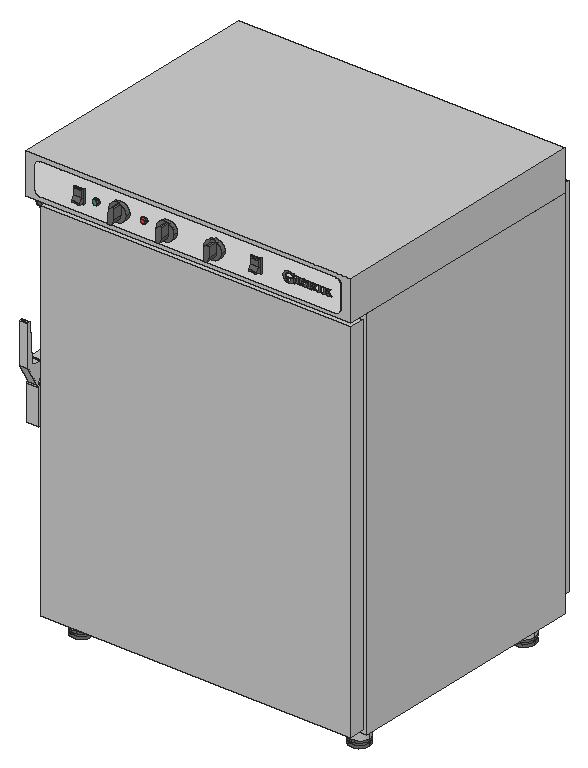
Revit family "QF_GIORIK_GR1011M_GR1011E_GR1011P", category Specialty Equipment, Revit 2014
Parameters (values of type "GR1011M")
  Weight in Pounds = 282.192
  Watts = 12600 W
  Waste Water Discharge Temperature = 0 °C
  Volts = 400 V
  URL Cutsheet = ""
  URL = "www.giorik.com"
  Programmable electronic control = no
  Plumbing Remarks [instance] = ""
  Plumbing Connection Type [instance] = ""
  Legs height [instance] = 60 mm
  Indirect Waste Size = 3/4"
  Indirect Waste Flow = 0.0 L/s
  Indirect Waste Connection Type [instance] = ""
  Indirect Waste Connection Height = 46 mm
  Mechanical control = yes
  Status [instance] = ""
  Specification by User [instance] = ""
  Specification by Manufacturer = ""
  Serial Number = ""
  Seismic Rating = ""
  SMACNA No = ""
  Revision Code [instance] = ""
  Phase = 3
  Number of Poles [instance] = 3
  NAFEM Spec ID Number = ""
  Model = "GR1011M"
  Min Ckt Ampacity = 0 A
  Max Overcurrent Protection = 20 A
  Masterspec = ""
  Manufacturer = "GIORIK"
  Show Logo [instance] = yes
  Show Clearance [instance] = yes
  Item Number [instance] = ""
  Installed By [instance] = ""
  Identify Quantity as Lot [instance] = no
  HP = "0"
  Furnished By [instance] = ""
  Foodservice Equipment Identifier [instance] = yes
  FL Amps = 0 A
  Electronic control = no
  Electrical Remarks [instance] = ""
  Electric Connection Type [instance] = ""
  Elec Conn RI Height [instance] = 0 mm
  Elec Conn Connection Height [instance] = 284 mm
  Description = "REGENERATING OVEN 10 GN 1/1 - MECHANICAL VERSION"
  Cycle = 50 Hz
  Conn Plug = ""
  Conn Conduit [instance] = no
  Cold Water Temperature Recommended = 0 °C
  Cold Water Size = 3/4"
  Cold Water RI Height [instance] = 0 mm
  Cold Water Minimum Pressure [instance] = 150.0 kPa
  Cold Water Maximum Pressure [instance] = 600.0 kPa
  Cold Water Flow [instance] = 0.0 L/s
  Cold Water Consumption [instance] = ""
  Cold Water Connection Height = 199 mm
  CSI MasterFormat = ""
  Assembly Code = "E1090320"
  Apparent Power = 12600 VA
Reference planes
  plane 1 "Back": y = 0
  plane 2: z = 0
  plane 3 "Left": x = 0
  plane 4 "Right": x = 820
  plane 5 "Front": y = -746
  plane 6 "Top": z = 1110
  plane 7 "Legs height": z = 60
  plane 8 "Front oven": y = -696
Forms (mm)
  Extrusion 1, solid
    sketch origin (0, 0, 0) x (1, 0, 0) y (0, 0, 1)
      loop
        line (0, 60) -> (820, 60) -> (820, 1010) -> (0, 1010) -> (0, 60)
    from 75 to 696
  Extrusion 2, solid
    sketch origin (0, -746, 0) x (-1, 0, 0) y (0, 0, 1)
      loop
        line (-818, 1000) -> (-818, 75) -> (-38, 75) -> (-38, 1000) -> (-818, 1000)
    from 0 to 40
  Extrusion 3, solid, visible <- "Show Clearance", detail levels coarse
    sketch origin (430, -505, 0) x (1, 0, 0) y (0, 1, 0)
      loop
        line (-430, -241) -> (-430, 505) -> (390, 505) -> (390, -241) -> (490, -241) -> (490, 605) -> (-530, 605) -> (-530, -241) -> (-430, -241)
    from 0 to 1110
  Extrusion 4, solid, visible <- "Show Clearance", detail levels coarse
    sketch origin (0, -21, 60) x (0, 1, 0) y (-1, 0, 0)
      loop
        line (-725, -820) -> (-725, -38)
        arc (-725, -38) -> (-1269.196, -248.189) -> (-1509, -780) r 768.537
        line (-1509, -780) -> (-1509, -820) -> (-725, -820)
    from 15 to 840
  Extrusion 5, solid
    sketch origin (0, -746, 0) x (-1, 0, 0) y (0, 0, 1)
      loop
        arc (-25, 1085) -> (-29.393, 1095.607) -> (-40, 1100) r 15
        line (-40, 1100) -> (-780, 1100)
        arc (-780, 1100) -> (-790.607, 1095.607) -> (-795, 1085) r 15
        line (-795, 1085) -> (-795, 1035)
        arc (-795, 1035) -> (-790.607, 1024.393) -> (-780, 1020) r 15
        line (-780, 1020) -> (-40, 1020)
        arc (-40, 1020) -> (-29.393, 1024.393) -> (-25, 1035) r 15
        line (-25, 1035) -> (-25, 1085)
    from -0.5 to 2
  Extrusion 6, solid
    sketch origin (820, 165, 0) x (0, -1, 0) y (0, 0, 1)
      loop
        circle (220, 199) r 11
    from 50 to 30
  Extrusion 7, solid, visible <- "Mechanical control"
    sketch origin (0, -746, 0) x (-1, 0, 0) y (0, 0, 1)
      loop
        circle (-180, 1060) r 7.5
    from 0 to -3
  Extrusion 8, solid, visible <- "Show Logo", detail levels medium+fine
    sketch origin (576.604, -746, 203.695) x (-1, 0, 0) y (0, 0, 1)
      loop
        line (-104.547, 863.962) -> (-115.547, 863.962) -> (-112.754, 861.618) -> (-112.754, 851.306) -> (-115.547, 848.962) -> (-104.547, 848.962) -> (-107.34, 851.306) -> (-107.34, 861.618) -> (-104.547, 863.962)
      loop
        line (-159.547, 863.962) -> (-170.547, 863.962) -> (-167.754, 861.618) -> (-167.754, 851.306) -> (-170.547, 848.962) -> (-159.547, 848.962) -> (-162.34, 851.306) -> (-162.34, 861.618) -> (-159.547, 863.962)
      loop
        line (-172.547, 863.962) -> (-183.547, 863.962) -> (-180.754, 861.618) -> (-180.754, 856.706) -> (-187.354, 862.244) -> (-184.9, 863.962) -> (-193.294, 863.962) -> (-189.303, 862.101) -> (-186.172, 858.97) -> (-192.777, 851.098) -> (-195.9, 849.962) -> (-195.9, 848.962) -> (-184.9, 848.962) -> (-186.151, 850.747) -> (-182.483, 855.625) -> (-180.754, 854.818) -> (-180.754, 851.306) -> (-183.547, 848.962) -> (-172.547, 848.962) -> (-175.34, 851.306) -> (-175.34, 861.618) -> (-172.547, 863.962)
      loop
        line (-100.387, 868.5) -> (-100.387, 858.865)
        arc (-100.387, 858.865) -> (-95.719, 863.282) -> (-89.875, 865.956) r 19.648
        arc (-89.875, 865.956) -> (-85.547, 865.774) -> (-82.114, 863.131) r 7.168
        arc (-82.114, 863.131) -> (-80.034, 856.5) -> (-82.114, 849.868) r 11.613
        arc (-82.114, 849.868) -> (-84.434, 847.581) -> (-87.423, 846.287) r 8.864
        arc (-87.423, 846.287) -> (-90.954, 846.508) -> (-93.801, 848.608) r 6.26
        line (-93.801, 848.608) -> (-93.801, 856.174) -> (-101.26, 856.174) -> (-101.26, 848.213) -> (-103.406, 846.068) -> (-98.753, 847.314)
        arc (-98.753, 847.314) -> (-96.873, 847.533) -> (-95.12, 846.821) r 3.816
        arc (-95.12, 846.821) -> (-86.651, 844.034) -> (-78.183, 846.821) r 14.26
        arc (-78.183, 846.821) -> (-73.396, 856.305) -> (-78.183, 865.788) r 11.787
        arc (-78.183, 865.788) -> (-86.838, 868.637) -> (-95.494, 865.788) r 14.575
        line (-95.494, 865.788) -> (-100.387, 868.5)
      loop
        arc (-117.299, 861.157) -> (-125.457, 864.293) -> (-133.615, 861.157) r 12.178
        arc (-133.615, 861.157) -> (-135.675, 856.524) -> (-133.615, 851.891) r 6.24
        arc (-133.615, 851.891) -> (-125.457, 848.755) -> (-117.299, 851.891) r 12.178
        arc (-117.299, 851.891) -> (-115.239, 856.524) -> (-117.299, 861.157) r 6.24
      loop
        arc (-121.457, 859.117) -> (-125.457, 863.117) -> (-129.457, 859.117) r 4
        line (-129.457, 859.117) -> (-129.457, 853.931)
        arc (-129.457, 853.931) -> (-125.457, 849.931) -> (-121.457, 853.931) r 4
        line (-121.457, 853.931) -> (-121.457, 859.117)
      loop
        arc (-150.534, 863.971) -> (-154.557, 859.947) -> (-150.534, 855.923) r 4.024
        line (-150.534, 855.923) -> (-154.412, 850.423) -> (-157.545, 848.962) -> (-149.901, 848.962) -> (-147.062, 855.05) -> (-143.519, 855.05) -> (-143.519, 851.008) -> (-146.441, 848.962) -> (-135.402, 848.962) -> (-137.953, 850.881) -> (-137.953, 861.677) -> (-135.669, 863.971) -> (-150.534, 863.971)
      loop
        line (-143.519, 862.926) -> (-147.194, 862.926)
        arc (-147.194, 862.926) -> (-150.379, 859.741) -> (-147.194, 856.556) r 3.185
        line (-147.194, 856.556) -> (-143.519, 856.556) -> (-143.519, 862.926)
    from 0.5 to -1.5
  Extrusion 9, solid, visible <- "Show Logo", detail levels medium+fine
    sketch origin (574.604, -746, 203.695) x (-1, 0, 0) y (0, 0, 1)
      loop
        line (-83.301, 856.174) -> (-95.301, 856.174) -> (-89.301, 851.174) -> (-83.301, 856.174)
    from 0.5 to -1.5
  Extrusion 10, solid
    sketch origin (0, -53, 0) x (1, 0, 0) y (0, 1, 0)
      loop
        circle (60, -72) r 25
    from 0 to 6
  Extrusion 11, solid
    sketch origin (0, -53, 0) x (1, 0, 0) y (0, 1, 0)
      loop
        circle (60, -72) r 25
    from 17 to 60
  Extrusion 12, solid
    sketch origin (0, -53, 0) x (1, 0, 0) y (0, 1, 0)
      loop
        circle (60, -72) r 23
    from 6 to 12
  Extrusion 13, solid
    sketch origin (0, -53, 0) x (1, 0, 0) y (0, 1, 0)
      loop
        circle (60, -72) r 25
    from 12 to 17
  Extrusion 14, solid
    sketch origin (0, -573, 0) x (1, 0, 0) y (0, 1, 0)
      loop
        circle (60, -72) r 25
    from 0 to 6
  Extrusion 15, solid
    sketch origin (0, -573, 0) x (1, 0, 0) y (0, 1, 0)
      loop
        circle (60, -72) r 25
    from 17 to 60
  Extrusion 16, solid
    sketch origin (0, -573, 0) x (1, 0, 0) y (0, 1, 0)
      loop
        circle (60, -72) r 23
    from 6 to 12
  Extrusion 17, solid
    sketch origin (0, -573, 0) x (1, 0, 0) y (0, 1, 0)
      loop
        circle (60, -72) r 25
    from 12 to 17
  Extrusion 18, solid
    sketch origin (700, -53, 0) x (1, 0, 0) y (0, 1, 0)
      loop
        circle (60, -72) r 25
    from 0 to 6
  Extrusion 19, solid
    sketch origin (700, -53, 0) x (1, 0, 0) y (0, 1, 0)
      loop
        circle (60, -72) r 25
    from 17 to 60
  Extrusion 20, solid
    sketch origin (700, -53, 0) x (1, 0, 0) y (0, 1, 0)
      loop
        circle (60, -72) r 23
    from 6 to 12
  Extrusion 21, solid
    sketch origin (700, -53, 0) x (1, 0, 0) y (0, 1, 0)
      loop
        circle (60, -72) r 25
    from 12 to 17
  Extrusion 22, solid
    sketch origin (700, -573, 0) x (1, 0, 0) y (0, 1, 0)
      loop
        circle (60, -72) r 25
    from 0 to 6
  Extrusion 23, solid
    sketch origin (700, -573, 0) x (1, 0, 0) y (0, 1, 0)
      loop
        circle (60, -72) r 25
    from 17 to 60
  Extrusion 24, solid
    sketch origin (700, -573, 0) x (1, 0, 0) y (0, 1, 0)
      loop
        circle (60, -72) r 23
    from 6 to 12
  Extrusion 25, solid
    sketch origin (700, -573, 0) x (1, 0, 0) y (0, 1, 0)
      loop
        circle (60, -72) r 25
    from 12 to 17
  Extrusion 26, solid
    sketch origin (0, 0, 0) x (1, 0, 0) y (0, 0, 1)
      loop
        line (50, 60) -> (770, 60) -> (770, 985) -> (50, 985) -> (50, 60)
    from 0 to 75
  Extrusion 27, solid
    sketch origin (0, 0, 0) x (1, 0, 0) y (0, 0, 1)
      loop
        line (0, 1110) -> (0, 1010) -> (820, 1010) -> (820, 1110) -> (0, 1110)
    from 75 to 746
  Extrusion 28, solid
    sketch origin (0, 0, 190) x (0, 1, 0) y (0, 0, 1)
      loop
        line (-708.5, 307) -> (-708.5, 457) -> (-735.5, 455.5) -> (-735.5, 426.5) -> (-748.5, 400) -> (-748.5, 312) -> (-708.5, 307)
    from 6 to 36
  Extrusion 29, solid
    sketch origin (0, 0, -190) x (0, 1, 0) y (0, 0, 1)
      loop
        line (-748.5, 780) -> (-735.5, 806.5) -> (-735.5, 833.216) -> (-755.655, 835.333)
        arc (-755.655, 835.333) -> (-761.803, 838.331) -> (-764.586, 844.58) r 10
        line (-764.586, 844.58) -> (-771, 936.21) -> (-773.5, 936.21) -> (-776, 933.71) -> (-776, 832.08) -> (-748.5, 784.31) -> (-748.5, 780)
    from 11 to 31
  Extrusion 30, solid
    sketch origin (0, 0, 190) x (0, 1, 0) y (0, 0, 1)
      loop
        line (-696, 306.3) -> (-696, 364.3) -> (-698.8, 364.3)
        arc (-698.8, 364.3) -> (-700.568, 363.568) -> (-701.3, 361.8) r 2.5
        line (-701.3, 361.8) -> (-701.3, 339.484)
        arc (-701.3, 339.484) -> (-701.917, 337.839) -> (-703.464, 337.006) r 2.5
        line (-703.464, 337.006) -> (-708.5, 336.324) -> (-708.5, 324.276) -> (-703.464, 323.593)
        arc (-703.464, 323.593) -> (-701.917, 322.761) -> (-701.3, 321.116) r 2.5
        line (-701.3, 321.116) -> (-701.3, 308.8)
        arc (-701.3, 308.8) -> (-700.568, 307.032) -> (-698.8, 306.3) r 2.5
        line (-698.8, 306.3) -> (-696, 306.3)
    from 8.5 to 33.5
  Extrusion 31, solid, visible <- "Mechanical control"
    sketch origin (0, -746, 0) x (-1, 0, 0) y (0, 0, 1)
      loop
        arc (-247.2, 1054.346) -> (-244.087, 1045.403) -> (-236.094, 1040.325) r 14.404
        arc (-236.094, 1040.325) -> (-234.423, 1040.714) -> (-232.8, 1041.269) r 17
        line (-232.8, 1041.269) -> (-232.8, 1066.046)
        arc (-232.8, 1066.046) -> (-235.913, 1074.989) -> (-243.906, 1080.067) r 14.404
        arc (-243.906, 1080.067) -> (-245.577, 1079.678) -> (-247.2, 1079.123) r 17
        line (-247.2, 1079.123) -> (-247.2, 1054.346)
    from -30 to -10
  Extrusion 32, solid, visible <- "Mechanical control"
    sketch origin (0, -746, 0) x (-1, 0, 0) y (0, 0, 1)
      loop
        circle (-240, 1060.196) r 22.5
    from 0 to -10
  Extrusion 33, solid, visible <- "Mechanical control"
    sketch origin (120, -746, 0) x (-1, 0, 0) y (0, 0, 1)
      loop
        arc (-247.2, 1054.346) -> (-244.087, 1045.403) -> (-236.094, 1040.325) r 14.404
        arc (-236.094, 1040.325) -> (-234.423, 1040.714) -> (-232.8, 1041.269) r 17
        line (-232.8, 1041.269) -> (-232.8, 1066.046)
        arc (-232.8, 1066.046) -> (-235.913, 1074.989) -> (-243.906, 1080.067) r 14.404
        arc (-243.906, 1080.067) -> (-245.577, 1079.678) -> (-247.2, 1079.123) r 17
        line (-247.2, 1079.123) -> (-247.2, 1054.346)
    from -30 to -10
  Extrusion 34, solid, visible <- "Mechanical control"
    sketch origin (120, -746, 0) x (-1, 0, 0) y (0, 0, 1)
      loop
        circle (-240, 1060.196) r 22.5
    from 0 to -10
  Extrusion 35, solid, visible <- "Mechanical control"
    sketch origin (0, -746, 0) x (-1, 0, 0) y (0, 0, 1)
      loop
        circle (-180, 1060) r 5.5
    from -3 to -6
  Extrusion 36, solid, visible <- "Mechanical control"
    sketch origin (120, -746, 0) x (-1, 0, 0) y (0, 0, 1)
      loop
        circle (-180, 1060) r 7.5
    from 0 to -3
  Extrusion 37, solid, visible <- "Mechanical control"
    sketch origin (120, -746, 0) x (-1, 0, 0) y (0, 0, 1)
      loop
        circle (-180, 1060) r 5.5
    from -3 to -6
  Extrusion 38, solid, visible <- "Mechanical control"
    sketch origin (0, -746, 0) x (-1, 0, 0) y (0, 0, 1)
      loop
        line (-125, 1042.5) -> (-125, 1077.5) -> (-150, 1077.5) -> (-150, 1042.5) -> (-125, 1042.5)
    from 0 to -3
  Extrusion 39, solid, visible <- "Mechanical control"
    sketch origin (0, 0, 0) x (0, 1, 0) y (0, 0, 1)
      loop
        line (-749, 1074.5) -> (-753, 1074.5) -> (-753, 1060) -> (-758.435, 1048.345)
        arc (-758.435, 1048.345) -> (-758.309, 1046.425) -> (-756.622, 1045.5) r 2
        line (-756.622, 1045.5) -> (-749, 1045.5) -> (-749, 1074.5)
    from 128 to 147
  Extrusion 40, solid
    sketch origin (-118.5, -959, -369) x (0, 1, 0) y (0, 0, 1)
      loop
        line (894.124, 687.794) -> (886.25, 674.156) -> (886.25, 671.844) -> (894.124, 658.206) -> (896.126, 657.05) -> (911.874, 657.05) -> (913.876, 658.206) -> (921.75, 671.844) -> (921.75, 674.156) -> (913.876, 687.794) -> (911.874, 688.95) -> (896.126, 688.95) -> (894.124, 687.794)
    from 144.771 to 152.771
  Extrusion 41, solid
    sketch origin (-118.5, -959, -369) x (0, 1, 0) y (0, 0, 1)
      loop
        line (894.124, 687.794) -> (886.25, 674.156) -> (886.25, 671.844) -> (894.124, 658.206) -> (896.126, 657.05) -> (911.874, 657.05) -> (913.876, 658.206) -> (921.75, 671.844) -> (921.75, 674.156) -> (913.876, 687.794) -> (911.874, 688.95) -> (896.126, 688.95) -> (894.124, 687.794)
    from 160.771 to 152.771
  Extrusion 42, solid
    sketch origin (-118.5, -959, -369) x (0, 1, 0) y (0, 0, 1)
      loop
        line (894.124, 687.794) -> (886.25, 674.156) -> (886.25, 671.844) -> (894.124, 658.206) -> (896.126, 657.05) -> (911.874, 657.05) -> (913.876, 658.206) -> (921.75, 671.844) -> (921.75, 674.156) -> (913.876, 687.794) -> (911.874, 688.95) -> (896.126, 688.95) -> (894.124, 687.794)
    from 168.5 to 160.771
  Revolve 43, solid
    sketch origin (16, 0, 0) x (0, 1, 0) y (0, 0, 1)
      loop
        line (-696, 989.289) -> (-696, 997.386) -> (-706.896, 999.202)
        arc (-706.896, 999.202) -> (-707.334, 999.395) -> (-707.638, 999.766) r 1.032
        line (-707.638, 999.766) -> (-710.719, 1006.1)
        arc (-710.719, 1006.1) -> (-711.654, 1006.864) -> (-712.588, 1006.1) r 0.954
        arc (-712.588, 1006.1) -> (-714.837, 997.805) -> (-716, 989.289) r 66.68
        line (-716, 989.289) -> (-696, 989.289)
      axis (-696, 989.289) -> (-716, 989.289)
    angle from 0 to 360
  Extrusion 44, solid, visible <- "Mechanical control"
    sketch origin (240, -746, 0) x (-1, 0, 0) y (0, 0, 1)
      loop
        arc (-247.2, 1054.346) -> (-244.087, 1045.403) -> (-236.094, 1040.325) r 14.404
        arc (-236.094, 1040.325) -> (-234.423, 1040.714) -> (-232.8, 1041.269) r 17
        line (-232.8, 1041.269) -> (-232.8, 1066.046)
        arc (-232.8, 1066.046) -> (-235.913, 1074.989) -> (-243.906, 1080.067) r 14.404
        arc (-243.906, 1080.067) -> (-245.577, 1079.678) -> (-247.2, 1079.123) r 17
        line (-247.2, 1079.123) -> (-247.2, 1054.346)
    from -30 to -10
  Extrusion 45, solid, visible <- "Mechanical control"
    sketch origin (240, -746, 0) x (-1, 0, 0) y (0, 0, 1)
      loop
        circle (-240, 1060.196) r 22.5
    from 0 to -10
  Extrusion 46, solid, visible <- "Mechanical control"
    sketch origin (720, -746, 0) x (1, 0, 0) y (0, 0, -1)
      loop
        line (-125, -1042.5) -> (-150, -1042.5) -> (-150, -1077.5) -> (-125, -1077.5) -> (-125, -1042.5)
    from 0 to -3
  Extrusion 47, solid, visible <- "Mechanical control"
    sketch origin (720, 0, 0) x (0, 1, 0) y (0, 0, -1)
      loop
        line (-749, -1074.5) -> (-749, -1045.5) -> (-756.622, -1045.5)
        arc (-756.622, -1045.5) -> (-758.309, -1046.425) -> (-758.435, -1048.345) r 2
        line (-758.435, -1048.345) -> (-753, -1060) -> (-753, -1074.5) -> (-749, -1074.5)
    from 128 to 147
  Sweep 48, solid
    path origin (0, 0, 60) x (0, 1, 0) y (-1, 0, 0)
      loop
        line (-470.54, -439.955) -> (-10, -645)
    profile origin (542.477, -240.27, 60) x (-0.913545, 0.406737, 0) y (0, 0, 1)
      loop
        circle (0, -14) r 11
  Sweep 49, solid
    path origin (986.762, -201.241, 4.474) x (-0.406737, -0.913545, 0) y (0, 0, 1)
      loop
        line (468.424, 46) -> (478.424, 46)
        arc (478.424, 46) -> (485.495, 48.929) -> (488.424, 56) r 10
        line (488.424, 56) -> (488.424, 60)
    profile origin (788.103, -647.438, 62.474) x (0.406737, 0.913545, 0) y (-0.913545, 0.406737, 0)
      loop
        circle (-4.474, 390) r 11
  Sweep 50, solid
    path origin (0, 0, 60) x (0, 1, 0) y (-1, 0, 0)
      loop
        line (-478.977, -436.198) -> (-451.571, -448.4)
    profile origin (442.299, -465.274, 60) x (-0.913545, 0.406737, 0) y (0, 0, 1)
      loop
        circle (0, -14) r 14
  Sweep 51, solid
    path origin (0, 0, 0) x (0, 1, 0) y (0, 0, 1)
      loop
        line (-79.938, 1054.218) -> (-60.185, 1057.347)
    profile origin (0, -70.062, 1055.782) x (0, -0.156434, 0.987688) y (1, 0, 0)
      loop
        circle (0, 160) r 25
  Extrusion 52, solid, visible <- "Programmable electronic control"
    sketch origin (0, -746, 0) x (-1, 0, 0) y (0, 0, 1)
      loop
        line (-71, 1065.5) -> (-71, 1079.5)
        arc (-71, 1079.5) -> (-71.586, 1080.914) -> (-73, 1081.5) r 2
        line (-73, 1081.5) -> (-87, 1081.5)
        arc (-87, 1081.5) -> (-88.414, 1080.914) -> (-89, 1079.5) r 2
        line (-89, 1079.5) -> (-89, 1065.5)
        arc (-89, 1065.5) -> (-88.414, 1064.086) -> (-87, 1063.5) r 2
        line (-87, 1063.5) -> (-73, 1063.5)
        arc (-73, 1063.5) -> (-71.586, 1064.086) -> (-71, 1065.5) r 2
      loop
        arc (-71, 1047) -> (-71.586, 1048.414) -> (-73, 1049) r 2
        line (-73, 1049) -> (-87, 1049)
        arc (-87, 1049) -> (-88.414, 1048.414) -> (-89, 1047) r 2
        line (-89, 1047) -> (-89, 1033)
        arc (-89, 1033) -> (-88.414, 1031.586) -> (-87, 1031) r 2
        line (-87, 1031) -> (-73, 1031)
        arc (-73, 1031) -> (-71.586, 1031.586) -> (-71, 1033) r 2
        line (-71, 1033) -> (-71, 1047)
      loop
        line (-85.824, 1071.942) -> (-85.824, 1068.598) -> (-77.871, 1068.598) -> (-77.871, 1067.344) -> (-75.064, 1069.098) -> (-77.871, 1070.852) -> (-77.871, 1069.598) -> (-84.824, 1069.598) -> (-84.824, 1071.942) -> (-85.824, 1071.942)
      loop
        arc (-86.5, 1048) -> (-87.561, 1047.561) -> (-88, 1046.5) r 1.5
        line (-88, 1046.5) -> (-88, 1033.5)
        arc (-88, 1033.5) -> (-87.561, 1032.439) -> (-86.5, 1032) r 1.5
        line (-86.5, 1032) -> (-73.5, 1032)
        arc (-73.5, 1032) -> (-72.439, 1032.439) -> (-72, 1033.5) r 1.5
        line (-72, 1033.5) -> (-72, 1046.5)
        arc (-72, 1046.5) -> (-72.439, 1047.561) -> (-73.5, 1048) r 1.5
        line (-73.5, 1048) -> (-86.5, 1048)
      loop
        line (-79.5, 1046) -> (-80.5, 1046) -> (-80.5, 1040) -> (-79.5, 1040) -> (-79.5, 1046)
      loop
        arc (-78.987, 1045.406) -> (-80, 1034.5) -> (-81.013, 1045.406) r 5.5
        line (-81.013, 1045.406) -> (-81.013, 1044.385)
        arc (-81.013, 1044.385) -> (-80, 1035.5) -> (-78.987, 1044.385) r 4.5
        line (-78.987, 1044.385) -> (-78.987, 1045.406)
      loop
        line (-75.022, 1077) -> (-84.978, 1077) -> (-84.978, 1074.886) -> (-75.022, 1074.886) -> (-75.022, 1077)
      loop
        line (-107, 1065.5) -> (-107, 1079.5)
        arc (-107, 1079.5) -> (-107.586, 1080.914) -> (-109, 1081.5) r 2
        line (-109, 1081.5) -> (-123, 1081.5)
        arc (-123, 1081.5) -> (-124.414, 1080.914) -> (-125, 1079.5) r 2
        line (-125, 1079.5) -> (-125, 1065.5)
        arc (-125, 1065.5) -> (-124.414, 1064.086) -> (-123, 1063.5) r 2
        line (-123, 1063.5) -> (-109, 1063.5)
        arc (-109, 1063.5) -> (-107.586, 1064.086) -> (-107, 1065.5) r 2
      loop
        circle (-111.46, 1077) r 1.5
      loop
        circle (-120.54, 1068) r 1.5
      loop
        arc (-107, 1047) -> (-107.586, 1048.414) -> (-109, 1049) r 2
        line (-109, 1049) -> (-123, 1049)
        arc (-123, 1049) -> (-124.414, 1048.414) -> (-125, 1047) r 2
        line (-125, 1047) -> (-125, 1033)
        arc (-125, 1033) -> (-124.414, 1031.586) -> (-123, 1031) r 2
        line (-123, 1031) -> (-109, 1031)
        arc (-109, 1031) -> (-107.586, 1031.586) -> (-107, 1033) r 2
        line (-107, 1033) -> (-107, 1047)
      loop
        arc (-110.035, 1042.254) -> (-112.14, 1043.328) -> (-114.387, 1042.599) r 3.087
        arc (-114.387, 1042.599) -> (-116.352, 1044.804) -> (-119.278, 1045.2) r 4.257
        line (-119.278, 1045.2) -> (-121.9, 1039.311)
        arc (-121.9, 1039.311) -> (-118.973, 1038.915) -> (-117.009, 1036.711) r 4.257
        arc (-117.009, 1036.711) -> (-114.761, 1037.439) -> (-112.657, 1036.365) r 3.087
        line (-112.657, 1036.365) -> (-110.035, 1042.254)
      loop
        arc (-111.244, 1041.998) -> (-112.518, 1042.333) -> (-113.738, 1041.838) r 2.087
        line (-113.738, 1041.838) -> (-115.318, 1042.234)
        arc (-115.318, 1042.234) -> (-116.614, 1043.801) -> (-118.587, 1044.293) r 3.257
        line (-118.587, 1044.293) -> (-120.332, 1040.374)
        arc (-120.332, 1040.374) -> (-118.235, 1039.644) -> (-116.626, 1038.114) r 5.257
        arc (-116.626, 1038.114) -> (-114.817, 1038.444) -> (-113.047, 1037.949) r 4.087
        line (-113.047, 1037.949) -> (-111.244, 1041.998)
      loop
        arc (-143, 1047) -> (-143.586, 1048.414) -> (-145, 1049) r 2
        line (-145, 1049) -> (-159, 1049)
        arc (-159, 1049) -> (-160.414, 1048.414) -> (-161, 1047) r 2
        line (-161, 1047) -> (-161, 1033)
        arc (-161, 1033) -> (-160.414, 1031.586) -> (-159, 1031) r 2
        line (-159, 1031) -> (-145, 1031)
        arc (-145, 1031) -> (-143.586, 1031.586) -> (-143, 1033) r 2
        line (-143, 1033) -> (-143, 1047)
      loop
        arc (-179, 1047) -> (-179.586, 1048.414) -> (-181, 1049) r 2
        line (-181, 1049) -> (-195, 1049)
        arc (-195, 1049) -> (-196.414, 1048.414) -> (-197, 1047) r 2
        line (-197, 1047) -> (-197, 1033)
        arc (-197, 1033) -> (-196.414, 1031.586) -> (-195, 1031) r 2
        line (-195, 1031) -> (-181, 1031)
        arc (-181, 1031) -> (-179.586, 1031.586) -> (-179, 1033) r 2
        line (-179, 1033) -> (-179, 1047)
      loop
        line (-149.5, 1039.25) -> (-149.5, 1040.75) -> (-154.5, 1040.75) -> (-154.5, 1039.25) -> (-149.5, 1039.25)
      loop
        line (-185, 1039.25) -> (-185, 1040.75) -> (-187.25, 1040.75) -> (-187.25, 1042.992) -> (-188.75, 1042.992) -> (-188.75, 1040.75) -> (-191, 1040.75) -> (-191, 1039.25) -> (-188.75, 1039.25) -> (-188.75, 1037) -> (-187.25, 1037) -> (-187.25, 1039.25) -> (-185, 1039.25)
      loop
        arc (-215, 1047) -> (-215.586, 1048.414) -> (-217, 1049) r 2
        line (-217, 1049) -> (-231, 1049)
        arc (-231, 1049) -> (-232.414, 1048.414) -> (-233, 1047) r 2
        line (-233, 1047) -> (-233, 1033)
        arc (-233, 1033) -> (-232.414, 1031.586) -> (-231, 1031) r 2
        line (-231, 1031) -> (-217, 1031)
        arc (-217, 1031) -> (-215.586, 1031.586) -> (-215, 1033) r 2
        line (-215, 1033) -> (-215, 1047)
      loop
        arc (-215, 1079.5) -> (-215.586, 1080.914) -> (-217, 1081.5) r 2
        line (-217, 1081.5) -> (-231, 1081.5)
        arc (-231, 1081.5) -> (-232.414, 1080.914) -> (-233, 1079.5) r 2
        line (-233, 1079.5) -> (-233, 1065.5)
        arc (-233, 1065.5) -> (-232.414, 1064.086) -> (-231, 1063.5) r 2
        line (-231, 1063.5) -> (-217, 1063.5)
        arc (-217, 1063.5) -> (-215.586, 1064.086) -> (-215, 1065.5) r 2
        line (-215, 1065.5) -> (-215, 1079.5)
      loop
        circle (-224, 1040) r 6
      loop
        line (-221.142, 1041.959) -> (-223.931, 1040.283) -> (-227.005, 1042.956) -> (-227.557, 1042.321) -> (-224.689, 1039.828) -> (-225.876, 1039.114) -> (-225.443, 1038.393) -> (-224.021, 1039.247) -> (-223.106, 1038.451) -> (-222.554, 1039.086) -> (-223.263, 1039.703) -> (-220.708, 1041.238) -> (-221.142, 1041.959)
      loop
        line (-224, 1078.571) -> (-227.538, 1071.867)
        arc (-227.538, 1071.867) -> (-224, 1066) -> (-220.462, 1071.867) r 4
        line (-220.462, 1071.867) -> (-224, 1078.571)
      loop
        circle (-224, 1040) r 5.3
      loop
        arc (-251, 1047) -> (-251.586, 1048.414) -> (-253, 1049) r 2
        line (-253, 1049) -> (-267, 1049)
        arc (-267, 1049) -> (-268.414, 1048.414) -> (-269, 1047) r 2
        line (-269, 1047) -> (-269, 1033)
        arc (-269, 1033) -> (-268.414, 1031.586) -> (-267, 1031) r 2
        line (-267, 1031) -> (-253, 1031)
        arc (-253, 1031) -> (-251.586, 1031.586) -> (-251, 1033) r 2
        line (-251, 1033) -> (-251, 1047)
      loop
        arc (-251, 1079.5) -> (-251.586, 1080.914) -> (-253, 1081.5) r 2
        line (-253, 1081.5) -> (-267, 1081.5)
        arc (-267, 1081.5) -> (-268.414, 1080.914) -> (-269, 1079.5) r 2
        line (-269, 1079.5) -> (-269, 1065.5)
        arc (-269, 1065.5) -> (-268.414, 1064.086) -> (-267, 1063.5) r 2
        line (-267, 1063.5) -> (-253, 1063.5)
        arc (-253, 1063.5) -> (-251.586, 1064.086) -> (-251, 1065.5) r 2
        line (-251, 1065.5) -> (-251, 1079.5)
      loop
        arc (-287, 1047) -> (-287.586, 1048.414) -> (-289, 1049) r 2
        line (-289, 1049) -> (-303, 1049)
        arc (-303, 1049) -> (-304.414, 1048.414) -> (-305, 1047) r 2
        line (-305, 1047) -> (-305, 1033)
        arc (-305, 1033) -> (-304.414, 1031.586) -> (-303, 1031) r 2
        line (-303, 1031) -> (-289, 1031)
        arc (-289, 1031) -> (-287.586, 1031.586) -> (-287, 1033) r 2
        line (-287, 1033) -> (-287, 1047)
      loop
        arc (-287, 1079.5) -> (-287.586, 1080.914) -> (-289, 1081.5) r 2
        line (-289, 1081.5) -> (-303, 1081.5)
        arc (-303, 1081.5) -> (-304.414, 1080.914) -> (-305, 1079.5) r 2
        line (-305, 1079.5) -> (-305, 1065.5)
        arc (-305, 1065.5) -> (-304.414, 1064.086) -> (-303, 1063.5) r 2
        line (-303, 1063.5) -> (-289, 1063.5)
        arc (-289, 1063.5) -> (-287.586, 1064.086) -> (-287, 1065.5) r 2
        line (-287, 1065.5) -> (-287, 1079.5)
      loop
        arc (-261.2, 1070.693) -> (-260, 1066) -> (-258.8, 1070.693) r 2.5
        line (-258.8, 1070.693) -> (-258.8, 1076.5)
        arc (-258.8, 1076.5) -> (-260, 1077.7) -> (-261.2, 1076.5) r 1.2
        line (-261.2, 1076.5) -> (-261.2, 1070.693)
      loop
        line (-290.732, 1040.416) -> (-301.526, 1040.416) -> (-301.526, 1039.324) -> (-290.732, 1039.324) -> (-290.732, 1040.416)
      loop
        line (-291.659, 1044.456) -> (-300.665, 1044.456) -> (-300.665, 1041.807) -> (-291.659, 1041.807) -> (-291.659, 1044.456)
      loop
        line (-291.659, 1035.544) -> (-291.659, 1038.193) -> (-300.665, 1038.193) -> (-300.665, 1035.544) -> (-291.659, 1035.544)
      loop
        line (-289.807, 1069.232) -> (-293.938, 1073.364)
        arc (-293.938, 1073.364) -> (-295.275, 1076.228) -> (-298.297, 1077.153) r 3.889
        line (-298.297, 1077.153) -> (-300.752, 1077.153)
        arc (-300.752, 1077.153) -> (-302.253, 1075.652) -> (-300.752, 1074.151) r 1.501
        line (-300.752, 1074.151) -> (-299.094, 1074.151)
        arc (-299.094, 1074.151) -> (-297.433, 1072.545) -> (-295.157, 1072.145) r 3.942
        line (-295.157, 1072.145) -> (-291.025, 1068.014)
        arc (-291.025, 1068.014) -> (-289.807, 1068.014) -> (-289.807, 1069.232) r 0.862
      loop
        line (-258.293, 1044.504) -> (-264.651, 1044.504) -> (-264.207, 1042.845) -> (-261.896, 1042.845) -> (-260.614, 1036.251) -> (-259.114, 1036.251) -> (-254.614, 1036.251) -> (-257.653, 1042.118) -> (-259.579, 1038.644) -> (-260.396, 1042.845) -> (-257.848, 1042.845) -> (-258.293, 1044.504)
      loop
        line (-255.765, 1036.951) -> (-257.674, 1040.637) -> (-259.427, 1037.862) -> (-259.25, 1036.951) -> (-255.765, 1036.951)
      loop
        arc (-141, 1082.202) -> (-141.629, 1084.039) -> (-143.251, 1085.107) r 3
        arc (-143.251, 1085.107) -> (-170, 1088.5) -> (-196.749, 1085.107) r 107.125
        arc (-196.749, 1085.107) -> (-198.371, 1084.039) -> (-199, 1082.202) r 3
        line (-199, 1082.202) -> (-199, 1062.798)
        arc (-199, 1062.798) -> (-198.371, 1060.961) -> (-196.749, 1059.893) r 3
        arc (-196.749, 1059.893) -> (-170, 1056.5) -> (-143.251, 1059.893) r 107.125
        arc (-143.251, 1059.893) -> (-141.629, 1060.961) -> (-141, 1062.798) r 3
        line (-141, 1062.798) -> (-141, 1082.202)
      loop
        line (-150, 1065.5) -> (-150, 1079.5) -> (-190, 1079.5) -> (-190, 1065.5) -> (-150, 1065.5)
    from 0.5 to -1.5
  Extrusion 53, solid, visible <- "Programmable electronic control"
    sketch origin (505, -746, 0) x (1, 0, 0) y (0, 0, -1)
      loop
        line (-125, -1042.5) -> (-150, -1042.5) -> (-150, -1077.5) -> (-125, -1077.5) -> (-125, -1042.5)
    from 0 to -3
  Extrusion 54, solid, visible <- "Programmable electronic control"
    sketch origin (505, 0, 0) x (0, 1, 0) y (0, 0, -1)
      loop
        line (-749, -1074.5) -> (-749, -1045.5) -> (-756.622, -1045.5)
        arc (-756.622, -1045.5) -> (-758.309, -1046.425) -> (-758.435, -1048.345) r 2
        line (-758.435, -1048.345) -> (-753, -1060) -> (-753, -1074.5) -> (-749, -1074.5)
    from 128 to 147
  Extrusion 55, solid, visible <- "Programmable electronic control"
    sketch origin (-2, -746, 0) x (-1, 0, 0) y (0, 0, 1)
      loop
        circle (-72.5, 1052) r 2
      loop
        circle (-108.5, 1052) r 2
      loop
        circle (-216.5, 1052) r 2
      loop
        circle (-252.5, 1052) r 2
      loop
        circle (-288.5, 1052) r 2
      loop
        circle (-216.5, 1084.5) r 2
      loop
        circle (-252.5, 1084.5) r 2
      loop
        circle (-288.5, 1084.5) r 2
      loop
        circle (-139.5, 1084.5) r 2
      loop
        circle (-139.5, 1074.5) r 2
      loop
        line (-152, 1079.5) -> (-192, 1079.5) -> (-192, 1065.5) -> (-152, 1065.5) -> (-152, 1079.5)
      loop
        circle (-271.5, 1084.5) r 2
    from 0.5 to -1.5
  Extrusion 56, solid, visible <- "Electronic control"
    sketch origin (0, -746, 0) x (-1, 0, 0) y (0, 0, 1)
      loop
        arc (-107, 1047) -> (-107.586, 1048.414) -> (-109, 1049) r 2
        line (-109, 1049) -> (-123, 1049)
        arc (-123, 1049) -> (-124.414, 1048.414) -> (-125, 1047) r 2
        line (-125, 1047) -> (-125, 1033)
        arc (-125, 1033) -> (-124.414, 1031.586) -> (-123, 1031) r 2
        line (-123, 1031) -> (-109, 1031)
        arc (-109, 1031) -> (-107.586, 1031.586) -> (-107, 1033) r 2
        line (-107, 1033) -> (-107, 1047)
      loop
        arc (-122.5, 1048) -> (-123.561, 1047.561) -> (-124, 1046.5) r 1.5
        line (-124, 1046.5) -> (-124, 1033.5)
        arc (-124, 1033.5) -> (-123.561, 1032.439) -> (-122.5, 1032) r 1.5
        line (-122.5, 1032) -> (-109.5, 1032)
        arc (-109.5, 1032) -> (-108.439, 1032.439) -> (-108, 1033.5) r 1.5
        line (-108, 1033.5) -> (-108, 1046.5)
        arc (-108, 1046.5) -> (-108.439, 1047.561) -> (-109.5, 1048) r 1.5
        line (-109.5, 1048) -> (-122.5, 1048)
      loop
        line (-115.5, 1046) -> (-116.5, 1046) -> (-116.5, 1040) -> (-115.5, 1040) -> (-115.5, 1046)
      loop
        arc (-114.987, 1045.406) -> (-116, 1034.5) -> (-117.013, 1045.406) r 5.5
        line (-117.013, 1045.406) -> (-117.013, 1044.385)
        arc (-117.013, 1044.385) -> (-116, 1035.5) -> (-114.987, 1044.385) r 4.5
        line (-114.987, 1044.385) -> (-114.987, 1045.406)
      loop
        arc (-143, 1047) -> (-143.586, 1048.414) -> (-145, 1049) r 2
        line (-145, 1049) -> (-159, 1049)
        arc (-159, 1049) -> (-160.414, 1048.414) -> (-161, 1047) r 2
        line (-161, 1047) -> (-161, 1033)
        arc (-161, 1033) -> (-160.414, 1031.586) -> (-159, 1031) r 2
        line (-159, 1031) -> (-145, 1031)
        arc (-145, 1031) -> (-143.586, 1031.586) -> (-143, 1033) r 2
        line (-143, 1033) -> (-143, 1047)
      loop
        arc (-179, 1047) -> (-179.586, 1048.414) -> (-181, 1049) r 2
        line (-181, 1049) -> (-195, 1049)
        arc (-195, 1049) -> (-196.414, 1048.414) -> (-197, 1047) r 2
        line (-197, 1047) -> (-197, 1033)
        arc (-197, 1033) -> (-196.414, 1031.586) -> (-195, 1031) r 2
        line (-195, 1031) -> (-181, 1031)
        arc (-181, 1031) -> (-179.586, 1031.586) -> (-179, 1033) r 2
        line (-179, 1033) -> (-179, 1047)
      loop
        line (-149.5, 1039.25) -> (-149.5, 1040.75) -> (-154.5, 1040.75) -> (-154.5, 1039.25) -> (-149.5, 1039.25)
      loop
        line (-185, 1039.25) -> (-185, 1040.75) -> (-187.25, 1040.75) -> (-187.25, 1042.992) -> (-188.75, 1042.992) -> (-188.75, 1040.75) -> (-191, 1040.75) -> (-191, 1039.25) -> (-188.75, 1039.25) -> (-188.75, 1037) -> (-187.25, 1037) -> (-187.25, 1039.25) -> (-185, 1039.25)
      loop
        arc (-215, 1047) -> (-215.586, 1048.414) -> (-217, 1049) r 2
        line (-217, 1049) -> (-231, 1049)
        arc (-231, 1049) -> (-232.414, 1048.414) -> (-233, 1047) r 2
        line (-233, 1047) -> (-233, 1033)
        arc (-233, 1033) -> (-232.414, 1031.586) -> (-231, 1031) r 2
        line (-231, 1031) -> (-217, 1031)
        arc (-217, 1031) -> (-215.586, 1031.586) -> (-215, 1033) r 2
        line (-215, 1033) -> (-215, 1047)
      loop
        arc (-215, 1079.5) -> (-215.586, 1080.914) -> (-217, 1081.5) r 2
        line (-217, 1081.5) -> (-231, 1081.5)
        arc (-231, 1081.5) -> (-232.414, 1080.914) -> (-233, 1079.5) r 2
        line (-233, 1079.5) -> (-233, 1065.5)
        arc (-233, 1065.5) -> (-232.414, 1064.086) -> (-231, 1063.5) r 2
        line (-231, 1063.5) -> (-217, 1063.5)
        arc (-217, 1063.5) -> (-215.586, 1064.086) -> (-215, 1065.5) r 2
        line (-215, 1065.5) -> (-215, 1079.5)
      loop
        circle (-224, 1040) r 6
      loop
        line (-221.142, 1041.959) -> (-223.931, 1040.283) -> (-227.005, 1042.956) -> (-227.557, 1042.321) -> (-224.689, 1039.828) -> (-225.876, 1039.114) -> (-225.443, 1038.393) -> (-224.021, 1039.247) -> (-223.106, 1038.451) -> (-222.554, 1039.086) -> (-223.263, 1039.703) -> (-220.708, 1041.238) -> (-221.142, 1041.959)
      loop
        line (-224, 1078.571) -> (-227.538, 1071.867)
        arc (-227.538, 1071.867) -> (-224, 1066) -> (-220.462, 1071.867) r 4
        line (-220.462, 1071.867) -> (-224, 1078.571)
      loop
        circle (-224, 1040) r 5.3
      loop
        arc (-251, 1047) -> (-251.586, 1048.414) -> (-253, 1049) r 2
        line (-253, 1049) -> (-267, 1049)
        arc (-267, 1049) -> (-268.414, 1048.414) -> (-269, 1047) r 2
        line (-269, 1047) -> (-269, 1033)
        arc (-269, 1033) -> (-268.414, 1031.586) -> (-267, 1031) r 2
        line (-267, 1031) -> (-253, 1031)
        arc (-253, 1031) -> (-251.586, 1031.586) -> (-251, 1033) r 2
        line (-251, 1033) -> (-251, 1047)
      loop
        arc (-251, 1079.5) -> (-251.586, 1080.914) -> (-253, 1081.5) r 2
        line (-253, 1081.5) -> (-267, 1081.5)
        arc (-267, 1081.5) -> (-268.414, 1080.914) -> (-269, 1079.5) r 2
        line (-269, 1079.5) -> (-269, 1065.5)
        arc (-269, 1065.5) -> (-268.414, 1064.086) -> (-267, 1063.5) r 2
        line (-267, 1063.5) -> (-253, 1063.5)
        arc (-253, 1063.5) -> (-251.586, 1064.086) -> (-251, 1065.5) r 2
        line (-251, 1065.5) -> (-251, 1079.5)
      loop
        arc (-287, 1047) -> (-287.586, 1048.414) -> (-289, 1049) r 2
        line (-289, 1049) -> (-303, 1049)
        arc (-303, 1049) -> (-304.414, 1048.414) -> (-305, 1047) r 2
        line (-305, 1047) -> (-305, 1033)
        arc (-305, 1033) -> (-304.414, 1031.586) -> (-303, 1031) r 2
        line (-303, 1031) -> (-289, 1031)
        arc (-289, 1031) -> (-287.586, 1031.586) -> (-287, 1033) r 2
        line (-287, 1033) -> (-287, 1047)
      loop
        arc (-287, 1079.5) -> (-287.586, 1080.914) -> (-289, 1081.5) r 2
        line (-289, 1081.5) -> (-303, 1081.5)
        arc (-303, 1081.5) -> (-304.414, 1080.914) -> (-305, 1079.5) r 2
        line (-305, 1079.5) -> (-305, 1065.5)
        arc (-305, 1065.5) -> (-304.414, 1064.086) -> (-303, 1063.5) r 2
        line (-303, 1063.5) -> (-289, 1063.5)
        arc (-289, 1063.5) -> (-287.586, 1064.086) -> (-287, 1065.5) r 2
        line (-287, 1065.5) -> (-287, 1079.5)
      loop
        arc (-261.2, 1070.693) -> (-260, 1066) -> (-258.8, 1070.693) r 2.5
        line (-258.8, 1070.693) -> (-258.8, 1076.5)
        arc (-258.8, 1076.5) -> (-260, 1077.7) -> (-261.2, 1076.5) r 1.2
        line (-261.2, 1076.5) -> (-261.2, 1070.693)
      loop
        line (-290.732, 1040.416) -> (-301.526, 1040.416) -> (-301.526, 1039.324) -> (-290.732, 1039.324) -> (-290.732, 1040.416)
      loop
        line (-291.659, 1044.456) -> (-300.665, 1044.456) -> (-300.665, 1041.807) -> (-291.659, 1041.807) -> (-291.659, 1044.456)
      loop
        line (-291.659, 1035.544) -> (-291.659, 1038.193) -> (-300.665, 1038.193) -> (-300.665, 1035.544) -> (-291.659, 1035.544)
      loop
        line (-289.807, 1069.232) -> (-293.938, 1073.364)
        arc (-293.938, 1073.364) -> (-295.275, 1076.228) -> (-298.297, 1077.153) r 3.889
        line (-298.297, 1077.153) -> (-300.752, 1077.153)
        arc (-300.752, 1077.153) -> (-302.253, 1075.652) -> (-300.752, 1074.151) r 1.501
        line (-300.752, 1074.151) -> (-299.094, 1074.151)
        arc (-299.094, 1074.151) -> (-297.433, 1072.545) -> (-295.157, 1072.145) r 3.942
        line (-295.157, 1072.145) -> (-291.025, 1068.014)
        arc (-291.025, 1068.014) -> (-289.807, 1068.014) -> (-289.807, 1069.232) r 0.862
      loop
        line (-258.293, 1044.504) -> (-264.651, 1044.504) -> (-264.207, 1042.845) -> (-261.896, 1042.845) -> (-260.614, 1036.251) -> (-259.114, 1036.251) -> (-254.614, 1036.251) -> (-257.653, 1042.118) -> (-259.579, 1038.644) -> (-260.396, 1042.845) -> (-257.848, 1042.845) -> (-258.293, 1044.504)
      loop
        line (-255.765, 1036.951) -> (-257.674, 1040.637) -> (-259.427, 1037.862) -> (-259.25, 1036.951) -> (-255.765, 1036.951)
      loop
        arc (-141, 1082.202) -> (-141.629, 1084.039) -> (-143.251, 1085.107) r 3
        arc (-143.251, 1085.107) -> (-170, 1088.5) -> (-196.749, 1085.107) r 107.125
        arc (-196.749, 1085.107) -> (-198.371, 1084.039) -> (-199, 1082.202) r 3
        line (-199, 1082.202) -> (-199, 1062.798)
        arc (-199, 1062.798) -> (-198.371, 1060.961) -> (-196.749, 1059.893) r 3
        arc (-196.749, 1059.893) -> (-170, 1056.5) -> (-143.251, 1059.893) r 107.125
        arc (-143.251, 1059.893) -> (-141.629, 1060.961) -> (-141, 1062.798) r 3
        line (-141, 1062.798) -> (-141, 1082.202)
      loop
        line (-150, 1065.5) -> (-150, 1079.5) -> (-190, 1079.5) -> (-190, 1065.5) -> (-150, 1065.5)
    from 0.5 to -1.5
  Extrusion 57, solid, visible <- "Electronic control"
    sketch origin (505, -746, 0) x (1, 0, 0) y (0, 0, -1)
      loop
        line (-125, -1042.5) -> (-150, -1042.5) -> (-150, -1077.5) -> (-125, -1077.5) -> (-125, -1042.5)
    from 0 to -3
  Extrusion 58, solid, visible <- "Electronic control"
    sketch origin (505, 0, 0) x (0, 1, 0) y (0, 0, -1)
      loop
        line (-749, -1074.5) -> (-749, -1045.5) -> (-756.622, -1045.5)
        arc (-756.622, -1045.5) -> (-758.309, -1046.425) -> (-758.435, -1048.345) r 2
        line (-758.435, -1048.345) -> (-753, -1060) -> (-753, -1074.5) -> (-749, -1074.5)
    from 128 to 147
  Extrusion 59, solid, visible <- "Electronic control"
    sketch origin (-2, -746, 0) x (-1, 0, 0) y (0, 0, 1)
      loop
        circle (-108.5, 1052) r 2
      loop
        circle (-216.5, 1052) r 2
      loop
        circle (-252.5, 1052) r 2
      loop
        circle (-288.5, 1052) r 2
      loop
        circle (-216.5, 1084.5) r 2
      loop
        circle (-252.5, 1084.5) r 2
      loop
        circle (-288.5, 1084.5) r 2
      loop
        line (-152, 1079.5) -> (-192, 1079.5) -> (-192, 1065.5) -> (-152, 1065.5) -> (-152, 1079.5)
      loop
        circle (-271.5, 1084.5) r 2
    from 0.5 to -1.5
Lines and regions (mm)
  symbolic lines, style "QF_Clearances", visible <- "Show Clearance", detail levels coarse
    curve 1: line (-100, -746, 1115) -> (-100, 100, 1115)
    curve 2: line (-100, 100, 1115) -> (920, 100, 1115)
    curve 3: line (920, 100, 1115) -> (920, -746, 1115)
  symbolic lines, style "200-EquipBorder-2D"
    curve 4: line (0, -75, 0) -> (820, -75, 0)
    curve 5: line (820, -75, 0) -> (820, -746, 0)
    curve 6: line (0, -75, 0) -> (0, -746, 0)
    curve 7: line (0, -746, 0) -> (820, -746, 0)
    curve 10: line (50, -75, 60) -> (50, 0, 60)
    curve 11: line (50, 0, 60) -> (770, 0, 60)
    curve 12: line (770, 0, 60) -> (770, -75, 60)
    curve 14: line (26.271, -37.25, 60) -> (26.271, -72.75, 60)
    curve 15: line (26.271, -72.75, 60) -> (50, -72.75, 60)
    curve 16: line (26.271, -37.25, 60) -> (50, -37.25, 60)
    curve 17: line (11, -776, 60) -> (11, -746, 60)
    curve 18: line (11, -776, 60) -> (31, -776, 60)
    curve 19: line (31, -776, 60) -> (31, -746, 60)
    curve 62: line (790, -44, 60) -> (770, -44, 60)
    curve 63: line (790, -44, 60) -> (790, -66, 60)
    curve 64: line (790, -66, 60) -> (770, -66, 60)
    curve 65: line (185, -60.185, 60) -> (185, -75, 60)
    curve 66: line (135, -60.185, 60) -> (135, -75, 60)
    curve 67: spline (160, -56.274, 60) -> (157.243, -56.298, 60) -> (154.52, -56.369, 60) -> (151.864, -56.487, 60) -> (149.307, -56.65, 60) -> (146.881, -56.856, 60) -> (144.614, -57.102, 60) -> (142.535, -57.386, 60) -> (140.669, -57.705, 60) -> (139.039, -58.053, 60) -> (137.665, -58.428, 60) -> (136.562, -58.824, 60) -> (135.746, -59.236, 60)
    curve 68: spline (160, -64.096, 60) -> (164.159, -64.041, 60) -> (168.203, -63.879, 60) -> (172.018, -63.614, 60) -> (175.497, -63.253, 60) -> (178.545, -62.807, 60) -> (181.076, -62.288, 60) -> (183.019, -61.71, 60) -> (184.321, -61.09, 60) -> (184.945, -60.444, 60) -> (184.873, -59.791, 60) -> (184.108, -59.15, 60) -> (182.671, -58.536, 60)
    curve 69: spline (135.746, -59.236, 60) -> (135.109, -59.819, 60) -> (135.042, -60.41, 60) -> (135.544, -60.996, 60) -> (136.605, -61.564, 60) -> (138.201, -62.099, 60) -> (140.295, -62.592, 60) -> (142.84, -63.029, 60) -> (145.776, -63.401, 60) -> (149.037, -63.699, 60) -> (152.549, -63.918, 60) -> (156.232, -64.051, 60) -> (160, -64.096, 60)
    curve 70: spline (182.671, -58.536, 60) -> (181.574, -58.209, 60) -> (180.284, -57.899, 60) -> (178.812, -57.609, 60) -> (177.172, -57.342, 60) -> (175.378, -57.101, 60) -> (173.446, -56.888, 60) -> (171.394, -56.704, 60) -> (169.24, -56.551, 60) -> (167.004, -56.43, 60) -> (164.704, -56.344, 60) -> (162.363, -56.291, 60) -> (160, -56.274, 60)
  symbolic lines, style "QF_Door-Drawer Clearances", visible <- "Show Clearance", detail levels coarse
    curve 8: line (820, -746, 0) -> (820, -1530, 0)
    curve 9: line (820, -1530, 0) -> (780, -1530, 0)
    curve 13: arc (780, -1530, 60) -> (248.189, -1290.196, 60) -> (38, -746, 60) r 768.537
  symbolic lines, style "200-EquipBorder-2D", visible <- "Mechanical control"
    curve 20: line (125, -749, 60) -> (125, -746, 60)
    curve 21: line (150, -749, 60) -> (150, -746, 60)
    curve 22: line (150, -749, 60) -> (125, -749, 60)
    curve 23: line (128, -758.622, 60) -> (128, -749, 60)
    curve 24: line (147, -758.622, 60) -> (147, -749, 60)
    curve 25: line (128, -758.622, 60) -> (147, -758.622, 60)
    curve 26: line (172.5, -749, 60) -> (172.5, -746, 60)
    curve 27: line (187.5, -749, 60) -> (187.5, -746, 60)
    curve 28: line (172.5, -749, 60) -> (187.5, -749, 60)
    curve 29: line (174.5, -752, 60) -> (174.5, -749, 60)
    curve 30: line (174.5, -752, 60) -> (185.5, -752, 60)
    curve 31: line (185.5, -752, 60) -> (185.5, -749, 60)
    curve 32: line (262.5, -756, 60) -> (262.5, -746, 60)
    curve 33: line (217.5, -756, 60) -> (217.5, -746, 60)
    curve 34: line (217.5, -756, 60) -> (262.5, -756, 60)
    curve 35: line (232.8, -776, 60) -> (232.8, -756, 60)
    curve 36: line (232.8, -776, 60) -> (247.2, -776, 60)
    curve 37: line (247.2, -776, 60) -> (247.2, -756, 60)
    curve 38: line (382.5, -756, 60) -> (337.5, -756, 60)
    curve 39: line (337.5, -756, 60) -> (337.5, -746, 60)
    curve 40: line (352.8, -776, 60) -> (367.2, -776, 60)
    curve 41: line (367.2, -776, 60) -> (367.2, -756, 60)
    curve 42: line (352.8, -776, 60) -> (352.8, -756, 60)
    curve 43: line (382.5, -756, 60) -> (382.5, -746, 60)
    curve 44: line (502.5, -756, 60) -> (457.5, -756, 60)
    curve 45: line (457.5, -756, 60) -> (457.5, -746, 60)
    curve 46: line (502.5, -756, 60) -> (502.5, -746, 60)
    curve 47: line (472.8, -776, 60) -> (487.2, -776, 60)
    curve 48: line (487.2, -776, 60) -> (487.2, -756, 60)
    curve 49: line (472.8, -776, 60) -> (472.8, -756, 60)
    curve 50: line (307.5, -749, 60) -> (292.5, -749, 60)
    curve 51: line (292.5, -749, 60) -> (292.5, -746, 60)
    curve 52: line (307.5, -749, 60) -> (307.5, -746, 60)
    curve 53: line (294.5, -752, 60) -> (305.5, -752, 60)
    curve 54: line (305.5, -752, 60) -> (305.5, -749, 60)
    curve 55: line (294.5, -752, 60) -> (294.5, -749, 60)
    curve 56: line (595, -749, 60) -> (595, -746, 60)
    curve 57: line (570, -749, 60) -> (570, -746, 60)
    curve 58: line (570, -749, 60) -> (595, -749, 60)
    curve 59: line (573, -758.622, 60) -> (573, -749, 60)
    curve 60: line (573, -758.622, 60) -> (592, -758.622, 60)
    curve 61: line (592, -758.622, 60) -> (592, -749, 60)
Dimensions and locks
  plane 3 "Left" to plane 4 "Right" = 820 mm
  plane 5 "Front" to plane 1 "Back" = 746 mm
  locked: plane 6 "Top" to plane 7 "Legs height" at 1050
  locked: plane 8 "Front oven" to plane 5 "Front" at 50
  "Legs height": plane 7 "Legs height" to plane 2
  aligned and locked: level to plane 2
  aligned and locked: plane 6 "Top" to Extrusion 3
  aligned and locked: Extrusion 1 to plane 8 "Front oven"
  aligned and locked: plane 7 "Legs height" to Extrusion 11
  aligned and locked: plane 7 "Legs height" to Extrusion 19
  aligned and locked: plane 7 "Legs height" to Extrusion 15
  aligned and locked: plane 7 "Legs height" to Extrusion 23
  aligned and locked: Extrusion 27 to plane 5 "Front"
  aligned and locked: Extrusion 2 to Extrusion 4
Automatic sketch dimensions
  curve 4 to plane 3 "Left" = 0 mm
  curve 4 to plane 4 "Right" = 0 mm
  curve 5 to plane 5 "Front" = 0 mm
  curve 8 to plane 5 "Front" = 784 mm
  plane 1 "Back" to curve 5 = 75 mm
  plane 4 "Right" to curve 9 = 40 mm
  Extrusion 1 sketch curve to plane 3 "Left" = 0 mm
  plane 4 "Right" to Extrusion 1 sketch curve = 0 mm
  Extrusion 1 sketch curve to plane 7 "Legs height" = 0 mm
  Extrusion 1 sketch curve to plane 6 "Top" = 100 mm
  plane 4 "Right" to Extrusion 2 sketch curve = 2 mm
  plane 7 "Legs height" to Extrusion 2 sketch curve = 15 mm
  plane 3 "Left" to Extrusion 2 sketch curve = 38 mm
  Extrusion 2 sketch curve to plane 6 "Top" = 110 mm
  Extrusion 3 sketch curve to plane 5 "Front" = 0 mm  (x2)
  Extrusion 3 sketch curve to plane 3 "Left" = 0 mm
  Extrusion 3 sketch curve to plane 4 "Right" = 0 mm
  Extrusion 3 sketch curve to Extrusion 3 sketch curve = 100 mm
  Extrusion 3 sketch curve to plane 4 "Right" = 100 mm
  plane 1 "Back" to Extrusion 3 sketch curve = 0 mm
  Extrusion 3 sketch curve to plane 1 "Back" = 100 mm
  Extrusion 4 sketch curve to plane 4 "Right" = 0 mm
  Extrusion 4 sketch curve to plane 5 "Front" = 0 mm
  Extrusion 4 sketch curve to plane 5 "Front" = 15.916 mm
  Extrusion 4 sketch curve to Extrusion 4 sketch curve = 768.084 mm
  plane 4 "Right" to Extrusion 4 sketch curve = 13.628 mm
  plane 4 "Right" to Extrusion 4 sketch curve = 40 mm
  plane 4 "Right" to Extrusion 5 sketch curve = 25 mm
  Extrusion 5 sketch curve to Extrusion 5 sketch curve = 15 mm  (x3)
  Extrusion 5 sketch curve to plane 6 "Top" = 10 mm
  plane 3 "Left" to Extrusion 5 sketch curve = 40 mm  (x2)
  Extrusion 5 sketch curve to Extrusion 5 sketch curve = 50 mm
  curve 3 to plane 5 "Front" = 0 mm
  curve 1 to plane 5 "Front" = 0 mm
  curve 3 to plane 4 "Right" = 100 mm
  curve 2 to plane 3 "Left" = 100 mm
  curve 3 to plane 1 "Back" = 100 mm
  plane 1 "Back" to Extrusion 6 sketch curve = 55 mm
  plane 7 "Legs height" to Extrusion 6 sketch curve = 139 mm
  Extrusion 7 sketch curve to plane 6 "Top" = 50 mm
  plane 3 "Left" to Extrusion 7 sketch curve = 180 mm
  curve 17 to plane 5 "Front" = 0 mm
  curve 46 to plane 5 "Front" = 0 mm
  curve 19 to plane 5 "Front" = 0 mm
  curve 13 to plane 5 "Front" = 0 mm
  curve 45 to plane 5 "Front" = 0 mm
  curve 20 to plane 5 "Front" = 0 mm
  curve 43 to plane 5 "Front" = 0 mm
  curve 21 to plane 5 "Front" = 0 mm
  curve 51 to plane 5 "Front" = 0 mm
  curve 39 to plane 5 "Front" = 0 mm
  curve 52 to plane 5 "Front" = 0 mm
  curve 26 to plane 5 "Front" = 0 mm
  curve 56 to plane 5 "Front" = 0 mm
  curve 27 to plane 5 "Front" = 0 mm
  curve 33 to plane 5 "Front" = 0 mm
  curve 32 to plane 5 "Front" = 0 mm
  curve 57 to plane 5 "Front" = 0 mm
  plane 1 "Back" to curve 11 = 0 mm
  curve 58 to plane 5 "Front" = 3 mm
  curve 50 to plane 5 "Front" = 3 mm
  curve 21 to plane 5 "Front" = 3 mm
  curve 26 to plane 5 "Front" = 3 mm
  curve 31 to curve 31 = 3 mm
  curve 53 to curve 55 = 3 mm
  curve 32 to plane 5 "Front" = 10 mm
  curve 38 to plane 5 "Front" = 10 mm
  curve 46 to plane 5 "Front" = 10 mm
  curve 61 to curve 61 = 9.622 mm
  curve 23 to curve 23 = 9.622 mm
  curve 13 to plane 5 "Front" = 15.916 mm
  curve 47 to curve 49 = 20 mm
  curve 42 to curve 42 = 20 mm
  curve 36 to curve 35 = 20 mm
  plane 3 "Left" to curve 18 = 11 mm
  curve 18 to plane 5 "Front" = 30 mm
  plane 3 "Left" to curve 15 = 26.271 mm
  plane 1 "Back" to curve 15 = 72.75 mm
  plane 4 "Right" to curve 64 = 30 mm
  plane 1 "Back" to curve 64 = 66 mm
  curve 63 to curve 63 = 22 mm
  curve 14 to curve 16 = 35.5 mm
  plane 4 "Right" to curve 13 = 13.628 mm
  curve 62 to curve 11 = 20 mm
  curve 13 to curve 56 = 211.372 mm
  curve 56 to curve 61 = 3 mm
  curve 60 to curve 60 = 19 mm
  curve 59 to curve 57 = 3 mm
  curve 57 to curve 44 = 67.5 mm
  curve 44 to curve 48 = 15.3 mm
  curve 47 to curve 47 = 14.4 mm
  curve 49 to curve 45 = 15.3 mm
  curve 44 to curve 43 = 75 mm
  curve 38 to curve 41 = 15.3 mm
  curve 40 to curve 40 = 14.4 mm
  curve 42 to curve 38 = 15.3 mm
  curve 39 to curve 50 = 30 mm
  curve 50 to curve 53 = 2 mm
  curve 53 to curve 55 = 11 mm
  curve 55 to curve 51 = 2 mm
  curve 50 to curve 34 = 30 mm
  curve 32 to curve 37 = 15.3 mm
  curve 36 to curve 36 = 14.4 mm
  curve 35 to curve 33 = 15.3 mm
  curve 33 to curve 28 = 30 mm
  curve 27 to curve 30 = 2 mm
  curve 30 to curve 30 = 11 mm
  curve 29 to curve 28 = 2 mm
  curve 26 to curve 21 = 22.5 mm
  curve 21 to curve 24 = 3 mm
  curve 24 to curve 25 = 19 mm
  curve 23 to curve 22 = 3 mm
  curve 10 to curve 14 = 23.729 mm
  curve 19 to curve 17 = 20 mm
  plane 4 "Right" to curve 13 = 40 mm
  curve 13 to curve 13 = 768.084 mm
  plane 1 "Back" to curve 65 = 75 mm
  curve 66 to curve 65 = 0 mm
  curve 12 to curve 64 = 9 mm
  curve 10 to curve 15 = 2.25 mm
  curve 65 to curve 68 = 10.904 mm
  curve 68 to curve 68 = 3.911 mm
  curve 67 to curve 68 = 0 mm
  curve 69 to curve 68 = 0 mm
  curve 70 to curve 68 = 0 mm  (x2)
  curve 65 to curve 65 = 14.815 mm
  curve 66 to curve 67 = 0 mm
  curve 66 to curve 69 = 0.948 mm
  curve 65 to curve 68 = 1.648 mm
  curve 67 to curve 67 = 3.911 mm
  curve 65 to curve 10 = 135 mm
  curve 65 to curve 68 = 2.329 mm
  curve 67 to curve 68 = 0.746 mm
  plane 4 "Right" to Extrusion 8 sketch curve = 47.495 mm
  Extrusion 8 sketch curve to Extrusion 8 sketch curve = 2.606 mm
  Extrusion 8 sketch curve to Extrusion 8 sketch curve = 3.123 mm
  Extrusion 8 sketch curve to Extrusion 8 sketch curve = 3.991 mm
  Extrusion 8 sketch curve to Extrusion 8 sketch curve = 1.949 mm
  Extrusion 8 sketch curve to Extrusion 8 sketch curve = 1.182 mm
  Extrusion 8 sketch curve to Extrusion 8 sketch curve = 6.627 mm
  Extrusion 8 sketch curve to Extrusion 8 sketch curve = 1.25 mm
  Extrusion 8 sketch curve to Extrusion 8 sketch curve = 2.454 mm
  Extrusion 8 sketch curve to Extrusion 8 sketch curve = 1.353 mm  (x2)
  Extrusion 8 sketch curve to Extrusion 8 sketch curve = 3.69 mm
  Extrusion 8 sketch curve to Extrusion 8 sketch curve = 2.793 mm  (x10)
  Extrusion 8 sketch curve to Extrusion 8 sketch curve = 5.413 mm  (x3)
  Extrusion 8 sketch curve to Extrusion 8 sketch curve = 2 mm  (x2)
  Extrusion 8 sketch curve to Extrusion 8 sketch curve = 2.002 mm
  Extrusion 8 sketch curve to Extrusion 8 sketch curve = 3.133 mm
  Extrusion 8 sketch curve to Extrusion 8 sketch curve = 9.013 mm
  Extrusion 8 sketch curve to Extrusion 8 sketch curve = 4.511 mm
  Extrusion 8 sketch curve to Extrusion 8 sketch curve = 3.34 mm
  Extrusion 8 sketch curve to Extrusion 8 sketch curve = 0.132 mm
  Extrusion 8 sketch curve to Extrusion 8 sketch curve = 3.46 mm
  Extrusion 8 sketch curve to Extrusion 8 sketch curve = 3.675 mm
  Extrusion 8 sketch curve to Extrusion 8 sketch curve = 0 mm  (x17)
  Extrusion 8 sketch curve to Extrusion 8 sketch curve = 5.566 mm
  Extrusion 8 sketch curve to plane 6 "Top" = 42.334 mm
  Extrusion 8 sketch curve to Extrusion 8 sketch curve = 2.285 mm
